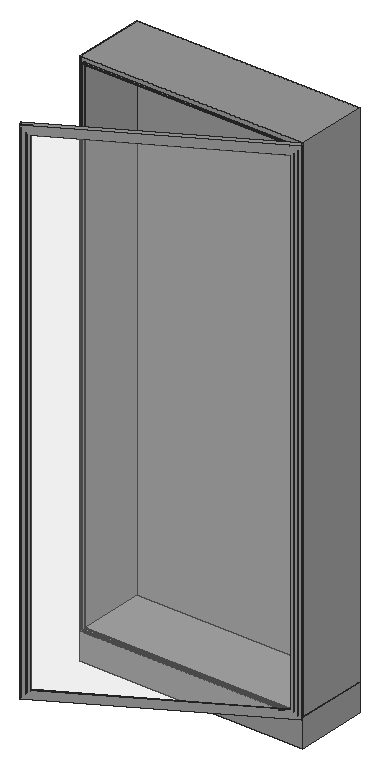
Revit family "Hager-Univers-IP55-D275-H1950-Cl.I-Steel_encl-NoHosted-CH-en", category Equipement électrique, Revit 2020
Family settings
  Configuration du panneau = Deux colonnes, circuits au sein
  Cote de connecteur circulaire = Utiliser le diamètre
  Type d'élément = Tableau de raccordement
  Basée sur le plan de construction = Oui
  Toujours verticalement = Oui
  Couper avec des vides une fois chargée = Non
  Partagée = Non
  Point de calcul de pièce = Non
Parameters (values of type "Floor installation IP55 W800 H1950 D275  - FR23K1")
  Width Control [instance] = if([EF000008 - Width] > Min Width, [EF000008 - Width], Min Width)  # 800 mm
  Commentaires du type = [HG000003 - Range]  # "Univers"
  Thickness Door [instance] = if([EF009171 - Material plate thickness door/cover] > 3 mm, 3 mm, [EF009171 - Material plate thickness door/cover])  # 1.5 mm
  Seal Frame Offset [instance] = 17 mm  # constant formula
  Plinth Visibility [instance] = [HG000027 - Plinth height] > 0 mm  # yes
  Min Width [instance] = 100 mm  # constant formula
  Min Depth [instance] = (2 * [EF009170 - Material plate thickness cabinet]) + 1 mm  # 4 mm
  Min Height [instance] = 100 mm  # constant formula
  Internal Frame Depth [instance] = (Door System Depth * 0.5)  # 9 mm
  Panel Name [instance] = ""  # (empty or 0)
  Model = ""
  HG000027 - Plinth height = 100 mm
  HG000026 - Floor standing = yes
  HG000024 - Bottom section height = 600 mm
  HG000023 - Double section enclosure = no
  HG000016 - Door 3d visibility [instance] = yes
  HG000015 - Clearance visibility [instance] = no
  HG000014 - Door on the right [instance] = yes
  HG000013 - Door on the left [instance] = not([HG000014 - Door on the right])  # no
  HG000012 - Door swing angle [instance] = 30.00°
  HG000010 - Asymmetric doors = no
  HG000009 - Double swing door = no
  HG000006 - Flush mounted = no
  HG000004 - Manufacturer reference = "FR23K1"
  HG000003 - Range = "Univers"
  HG000002 - With door or cover = yes
  Frame Offset Bottom [instance] = 10 mm  # constant formula
  Frame Offset [instance] = 15 mm  # constant formula
  EF015940 - Cover with overpressure release = no
  EF011959 - Degree of protection (NEMA) = ""
  EF009554 - Number of openings for flange plates = 6
  EF009212 - Cover model = "EV000116 - Closed"
  EF009171 - Material plate thickness door/cover = 1.5 mm
  EF009170 - Material plate thickness cabinet = 1.5 mm
  EF008873 - Nominal current (In) = 800 A
  EF007800 - Suitable for lightning protection = no
  EF006306 - With lock = no
  EF006244 - Transparent cover/door = yes
  EF005474 - Degree of protection (IP) = "EV006420 - IP55"
  EF004464 - Type of door = "EV002646 - Single"
  EF004427 - Number of modules = 432
  EF004293 - Impact strength = "EV008784 - IK10"
  EF003532 - Suitable for outdoor use = no
  EF002950 - Width in number of modular spacings = 24
  EF001613 - Circuit integrity = "EV000494 - None"
  EF001596 - Material housing = "EV000179 - Steel"
  EF001131 - Internal depth = 275 mm
  EF001088 - Extension possible = yes
  EF000437 - Number of conduit inlets = 6
  EF000339 - Type of cover = "EV004216 - Door"
  EF000266 - Number of rows = 12
  EF000218 - Built-in depth = 0 mm
  EF000118 - With mounting plate = no
  EF000116 - RAL-number = "7035"
  EF000049 - Depth = 275 mm
  EF000040 - Height = 1950 mm
  EF000008 - Width = 800 mm
  EF000007 - Colour = "EV000270 - Grey"
  EF000003 - Mounting method = "EV012274 - Floor installation"
  Door System Leaf Tolerance [instance] = 1.5 mm  # constant formula
  Door System Depth [instance] = 18 mm  # constant formula
  Door Height [instance] = Height Control - [HG000027 - Plinth height]  # 1850 mm
  Description = ""
  Default Elevation = 1219.2 mm
  Connector Offset [instance] = Height Control / 2  # 975 mm
  Fabricant = "Hager"  # constant formula
  Height Control [instance] = if([EF000040 - Height] > Min Height, [EF000040 - Height], Min Height)  # 1950 mm
  Depth Control [instance] = if([EF000049 - Depth] > Min Depth, [EF000049 - Depth], Min Depth)  # 275 mm
  Bottom Top Plate Trim [instance] = 1.5 mm  # constant formula
  Plinth height Ctrl [instance] = if([HG000027 - Plinth height] > 0 mm, [HG000027 - Plinth height], 12 mm)  # 100 mm
Types (11, lengths in mm): name | Width Control | HG000010 - Asymmetric doors | HG000009 - Double swing door | HG000004 - Manufacturer reference | EF009554 - Number of openings for flange plates | EF006244 - Transparent cover/door | EF004464 - Type of door | EF004427 - Number of modules | EF000437 - Number of conduit inlets | EF000008 - Width
  Floor installation IP55 W1050 H1950 D275  - FR24E1 | 1050 | yes | yes | "FR24E1" | 8 | no | "EV003602 - Double" | 576 | 8 | 1050
  Floor installation IP55 W1050 H1950 D275  - FR24K1 | 1050 | yes | yes | "FR24K1" | 8 | yes | "EV003602 - Double" | 576 | 8 | 1050
  Floor installation IP55 W1300 H1950 D275  - FR25E1 | 1300 | yes | yes | "FR25E1" | 10 | no | "EV003602 - Double" | 720 | 10 | 1300
  Floor installation IP55 W1300 H1950 D275  - FR25K1 | 1300 | yes | yes | "FR25K1" | 10 | yes | "EV003602 - Double" | 720 | 10 | 1300
  Floor installation IP55 W1550 H1950 D275  - FR26E1 | 1550 | yes | yes | "FR26E1" | 12 | no | "EV003602 - Double" | 864 | 12 | 1550
  Floor installation IP55 W1550 H1950 D275  - FR26K1 | 1550 | yes | yes | "FR26K1" | 12 | yes | "EV003602 - Double" | 864 | 12 | 1550
  Floor installation IP55 W300 H1950 D275  - FR21E1 | 300 | no | no | "FR21E1" | 2 | no | "EV002646 - Single" | 144 | 2 | 300
  Floor installation IP55 W550 H1950 D275  - FR22E1 | 550 | no | no | "FR22E1" | 4 | no | "EV002646 - Single" | 288 | 4 | 550
  Floor installation IP55 W550 H1950 D275  - FR22K1 | 550 | no | no | "FR22K1" | 4 | yes | "EV002646 - Single" | 288 | 4 | 550
  Floor installation IP55 W800 H1950 D275  - FR23E1 | 800 | no | no | "FR23E1" | 6 | no | "EV002646 - Single" | 432 | 6 | 800
  Floor installation IP55 W800 H1950 D275  - FR23K1 | 800 | no | no | "FR23K1" | 6 | yes | "EV002646 - Single" | 432 | 6 | 800
Reference planes
  plane 1 "Center (Front/Back)": y = 0
  plane 2: z = 0
  plane 3 "Center (Left/Right)": x = 0
  plane 4: y = 0
  plane 5: y = 0
  plane 6: z = 0
  plane 7: x = -400
  plane 8: x = 400
  plane 9: x = 398.5
  plane 10: x = -398.5
  plane 11: z = 100
  plane 12: z = 101.5
  plane 13: y = -275
  plane 14: y = -1.5
  plane 15: x = 0
  plane 16: y = -257
  plane 17: y = -273.5
  plane 18: y = -255.5
  plane 19: x = -383.5
  plane 20: x = 383.5
  plane 21: z = 111.5
  plane 22: x = -383
  plane 23: x = 383
  plane 24: z = 100
  plane 25: z = 1950
  plane 26: z = 1950
  plane 27: z = 1933.5
  plane 28: z = 1948.5
Forms (mm)
  Extrusion 1, solid, material "Hager_Steel_RAL7035_Light_Grey", detail levels medium+fine
    sketch origin (-208.679, -4572, 100) x (-1, 0, 0) y (0, -1, 0)
      loop
        line (191.321, -4315) -> (-608.679, -4315) -> (-608.679, -4572) -> (191.321, -4572) -> (191.321, -4315)
    from 0 to 1850
  Extrusion 2, void
    sketch origin (-350.771, -275, 1219.2) x (1, 0, 0) y (0, 0, 1)
      loop
        line (-47.729, 729.3) -> (-47.729, -1117.7) -> (749.271, -1117.7) -> (749.271, 729.3) -> (-47.729, 729.3)
    from -19.5 to -273.5
  Extrusion 3, void
    sketch origin (-290.084, -257, 1219.2) x (1, 0, 0) y (0, 0, 1)
      loop
        line (-93.416, -1107.7) -> (673.584, -1107.7) -> (673.584, 714.3) -> (-93.416, 714.3) -> (-93.416, -1107.7)
    from 0 to -1.5
  Extrusion 4, solid, material "Hager_Steel_RAL7035_Light_Grey", visible <- "Plinth Visibility", detail levels medium+fine
    sketch origin (0, 0, 0) x (1, 0, 0) y (0, 1, 0)
      loop
        line (-400, 0) -> (-400, -257) -> (400, -257) -> (400, 0) -> (-400, 0)
    from 0 to 100 <- "Plinth height Ctrl"
  Extrusion 5, solid, material "Hager_Steel_RAL7035_Light_Grey", detail levels coarse
    sketch origin (0, 0, 0) x (1, 0, 0) y (0, 1, 0)
      loop
        line (-400, 0) -> (-400, -275) -> (400, -275) -> (400, 0) -> (-400, 0)
    from 0 to 1950 <- "Height Control"
  Sweep 6, void
    path in 3D
      loop
        line (-400, -257, 100) -> (400, -257, 100) -> (400, 0, 100) -> (-400, 0, 100) -> (-400, -257, 100)
    profile origin (-400, -128.5, 100) x (1, 0, 0) y (0, 0, 1)
      loop
        line (0, 0) -> (0, -1.5) -> (1.5, -1.5)
        arc (1.5, -1.5) -> (1.061, -0.439) -> (0, 0) r 1.5
  Extrusion 7, solid, material "Hager_Steel_RAL7035_Light_Grey", detail levels fine
    sketch origin (-400, -257, 100) x (1, 0, 0) y (0, 0, 1)
      loop
        line (16.5, 11.5) -> (783.5, 11.5) -> (783.5, 1833.5) -> (16.5, 1833.5) -> (16.5, 11.5)
      loop
        line (15, 10) -> (785, 10) -> (785, 1835) -> (15, 1835) -> (15, 10)
    from 0 to 9 <- "Internal Frame Depth"
Cuts and joins
  Extrusion 2, Extrusion 3 cuts Extrusion 1
  Sweep 6 cuts Extrusion 4
Lines and regions (mm)
  Masking region 1
    outline origin (0, 0, 0) x (1, 0, 0) y (0, 1, 0)
      loop
        line (-400, 0) -> (-400, -275) -> (400, -275) -> (400, 0) -> (-400, 0)
  Masking region 2, detail levels coarse
    outline origin (-290.084, -257, 1219.2) x (-1, 0, 0) y (0, 0, 1)
      loop
        line (-690.084, -1219.2) -> (109.916, -1219.2) -> (109.916, 730.8) -> (-690.084, 730.8) -> (-690.084, -1219.2)
  Masking region 3, detail levels coarse
    outline origin (0, 0, 0) x (0, 1, 0) y (0, 0, 1)
      loop
        line (0, 0) -> (0, 1950) -> (-275, 1950) -> (-275, 0) -> (0, 0)
  Masking region 4, visible <- "Plinth Visibility", detail levels medium+fine
    outline origin (0, 0, 0) x (0, 1, 0) y (0, 0, 1)
      loop
        line (-1.5, 100) -> (-255.5, 100)
        arc (-255.5, 100) -> (-255.939, 98.939) -> (-257, 98.5) r 1.5
        line (-257, 98.5) -> (-257, 0) -> (0, 0) -> (0, 98.5)
        arc (0, 98.5) -> (-1.061, 98.939) -> (-1.5, 100) r 1.5
  Masking region 5, detail levels medium+fine
    outline origin (0, 0, 594.038) x (0, 1, 0) y (0, 0, 1)
      loop
        line (0, -494.038) -> (0, 1355.962) -> (-257, 1355.962) -> (-257, -494.038) -> (0, -494.038)
  Masking region 6, detail levels medium+fine
    outline origin (-359.7, -257, 1211.883) x (-1, 0, 0) y (0, 0, 1)
      loop
        line (-759.7, -1111.883) -> (40.3, -1111.883) -> (40.3, 738.117) -> (-759.7, 738.117) -> (-759.7, -1111.883)
  Masking region 7, visible <- "Plinth Visibility", detail levels medium+fine
    outline origin (-320.334, -257, 1041.368) x (-1, 0, 0) y (0, 0, 1)
      loop
        line (-720.334, -1041.368) -> (79.666, -1041.368) -> (79.666, -942.868)
        arc (79.666, -942.868) -> (78.606, -942.429) -> (78.166, -941.368) r 1.5
        line (78.166, -941.368) -> (-718.834, -941.368)
        arc (-718.834, -941.368) -> (-719.273, -942.429) -> (-720.334, -942.868) r 1.5
        line (-720.334, -942.868) -> (-720.334, -1041.368)
  sketch lines
    curve 1: line (-400, 0, 100) -> (-400, -257, 100)
    curve 2: line (-400, -257, 100) -> (400, -257, 100)
    curve 3: line (400, 0, 100) -> (-400, 0, 100)
    curve 4: line (400, -257, 100) -> (400, 0, 100)
Dimensions and locks
  locked: plane 1 "Center (Front/Back)" to plane 5
  "EF009170 - Material plate thickness cabinet": plane 7 to plane 10
  "EF009170 - Material plate thickness cabinet": plane 8 to plane 9
  equal spacing: plane 7, plane 3 "Center (Left/Right)", plane 8
  "Width Control": plane 7 to plane 8
  "Depth Control": plane 4 to plane 13
  "EF009170 - Material plate thickness cabinet": plane 4 to plane 14
  "Height Control": plane 25 to level
  "HG000027 - Plinth height": plane 11 to level
  "EF009170 - Material plate thickness cabinet": plane 12 to plane 11
  "EF009170 - Material plate thickness cabinet": plane 17 to plane 13
  "EF009170 - Material plate thickness cabinet": plane 18 to plane 16
  "Frame Offset Bottom": plane 21 to plane 12
  "Frame Offset": plane 10 to plane 19
  "Frame Offset": plane 9 to plane 20
  "Door System Depth": plane 16 to plane 13
  "Seal Frame Offset": plane 7 to plane 22
  "Seal Frame Offset": plane 8 to plane 23
  "EF009170 - Material plate thickness cabinet": plane 26 to plane 28
  "Frame Offset": plane 28 to plane 27
  "Connector Offset": plane 2 to connector elem
  "Bottom Top Plate Trim": profile plane to Sweep 6 sketch curve
  "Bottom Top Plate Trim": Sweep 6 sketch curve to Sweep 6 sketch curve
  "Plinth height Ctrl": Masking region 4 sketch curve to level
  "Plinth height Ctrl": Masking region 7 sketch curve to level
  "Thickness Door": Extrusion 7 sketch curve to Extrusion 7 sketch curve  (x4)
  "Bottom Top Plate Trim": radius of Sweep 6 sketch curve
  "Bottom Top Plate Trim": radius of Masking region 4 sketch curve  (x2)
  "Bottom Top Plate Trim": radius of Masking region 7 sketch curve  (x2)
  aligned and locked: Extrusion 2 sketch curve to plane 12
  aligned and locked: Extrusion 2 sketch curve to plane 9
  aligned and locked: Extrusion 2 sketch curve to plane 10
  aligned and locked: Extrusion 2 to plane 14
  aligned and locked: Extrusion 1 sketch curve to plane 4
  aligned and locked: plane 8 to Extrusion 1 sketch curve
  aligned and locked: plane 7 to Extrusion 1 sketch curve
  aligned and locked: Extrusion 2 to plane 18
  aligned and locked: Extrusion 3 sketch curve to plane 19
  aligned and locked: plane 20 to Extrusion 3 sketch curve
  aligned and locked: Extrusion 3 to Extrusion 2
  aligned and locked: Extrusion 3 sketch curve to plane 21
  aligned and locked: plane 3 "Center (Left/Right)" to nested 1
  aligned and locked: Extrusion 1 sketch curve to plane 16
  aligned and locked: Extrusion 4 sketch curve to cut or joined group of Extrusion 1, Extrusion 2, Extrusion 3
  aligned and locked: Masking region 1 sketch curve to plane 7
  aligned and locked: Masking region 1 sketch curve to plane 5
  aligned and locked: Masking region 1 sketch curve to plane 8
  aligned and locked: Masking region 2 sketch curve to level
  aligned and locked: level to Masking region 3 sketch curve
  aligned and locked: plane 1 "Center (Front/Back)" to Masking region 3 sketch curve
  aligned and locked: plane 13 to Masking region 3 sketch curve
  aligned and locked: plane 5 to Masking region 4 sketch curve
  aligned and locked: Masking region 2 sketch curve to plane 8
  aligned and locked: Masking region 2 sketch curve to plane 7
  aligned and locked: plane 7 to nested 2
  aligned and locked: nested 2 to plane 5
  aligned and locked: plane 5 to Masking region 5 sketch curve
  aligned and locked: plane 26 to Masking region 5 sketch curve
  aligned and locked: Extrusion 5 sketch curve to plane 8
  aligned and locked: Extrusion 5 sketch curve to plane 7
  aligned and locked: Extrusion 5 sketch curve to plane 5
  aligned and locked: Extrusion 3 sketch curve to plane 27
  aligned and locked: Extrusion 2 sketch curve to plane 28
  aligned and locked: Masking region 2 to plane 25
  aligned and locked: Extrusion 4 to plane 16
  aligned and locked: profile plane to Sweep 6 sketch curve
  aligned and locked: Masking region 5 sketch curve to plane 24
  aligned and locked: level to Masking region 4 sketch curve
  aligned and locked: Masking region 1 to plane 13
  aligned and locked: nested 1 to plane 16
  aligned and locked: Masking region 3 to plane 25
  aligned and locked: plane 16 to Masking region 4 sketch curve
  aligned and locked: Masking region 5 sketch curve to plane 16
  aligned and locked: plane 24 to plane 11
  aligned and locked: plane 26 to plane 25
  aligned and locked: plane 26 to cut or joined group of Extrusion 1, Extrusion 2, Extrusion 3
  aligned and locked: nested 1 to plane 24
  aligned and locked: Extrusion 1 to Extrusion 3
  aligned and locked: Masking region 6 sketch curve to plane 8
  aligned and locked: Masking region 6 sketch curve to plane 24
  aligned and locked: Masking region 6 sketch curve to plane 7
  aligned and locked: Masking region 6 sketch curve to plane 26
  aligned and locked: Masking region 7 sketch curve to plane 7
  aligned and locked: level to Masking region 7 sketch curve
  aligned and locked: Masking region 7 sketch curve to plane 8
  aligned and locked: Extrusion 7 sketch curve to cut or joined group of Extrusion 1, Extrusion 2, Extrusion 3  (x4)
Automatic sketch dimensions
  plane 19 to Extrusion 3 sketch curve = 0 mm
  Extrusion 3 sketch curve to plane 20 = 0 mm
  Extrusion 3 sketch curve to plane 21 = 0 mm
  Extrusion 4 sketch curve to plane 7 = 0 mm
  Extrusion 4 sketch curve to plane 8 = 0 mm
  Extrusion 4 sketch curve to plane 16 = 0 mm
  Masking region 1 sketch curve to plane 13 = 0 mm
  Masking region 2 sketch curve to plane 25 = 0 mm
  Masking region 3 sketch curve to plane 25 = 0 mm
  Extrusion 5 sketch curve to plane 13 = 0 mm
  profile plane to Sweep 6 sketch curve = 0 mm
Nested families
  nested 1: "EC000058_Univers_Door" at (0, -257, 100), Double <- "HG000009 - Double swing door", Transparent <- "EF006244 - Transparent cover/door", Angle <- "HG000012 - Door swing angle", Door_Right <- "HG000014 - Door on the right", Assymetrical <- "HG000010 - Asymmetric doors", Door <- "HG000002 - With door or cover", Width_Ctrl <- "Width Control", 3d_Door <- "HG000016 - Door 3d visibility", Clearance <- "HG000015 - Clearance visibility", Door_Left <- "HG000013 - Door on the left", Width <- "Width Control", Door_Depth <- "Door System Depth", Leaf_Tolerance <- "Door System Leaf Tolerance", Height <- "Door Height", Lock_Visibility <- "EF006306 - With lock", Thickness <- "Thickness Door", type "EC000058_Univers_Door", detail levels medium+fine
    with min_wh 4 mm, Width_Ctrl 800 mm, Width 800 mm, Transparent yes, Thickness 1.5 mm, Seal_Material Hager_Rubber, Lock_Visibility no, Lock_Material Hager_Plastic_RAL9005_Jet_Black, Leaf_Width 800 mm, Leaf_Tolerance_External_Sides 0 mm, Leaf_Tolerance 1.5 mm, Leaf_Offset 0 mm, Leaf_Height 1847 mm, Leaf_2_Width 800 mm, Leaf_2_Offset 400 mm, Leaf_1_Width 800 mm, Leaf_1_Offset 400 mm, Height_Ctrl 1850 mm, Height 1850 mm, Glass_Material Hager_Glass, Double_Clearance_Ctrl no, Double no, Door_Right_Ctrl yes, Door_Right yes, Door_Material Hager_Steel_RAL7035_Light_Grey, Door_Left_Ctrl no, Door_Left no, Door_Depth 18 mm, Door yes, Clearance_Material Hager_Clearance, Clearance_Depth 800 mm, Clearance_Ctrl no, Clearance no, Assymetrical no, Angle 30.00°, 3d_Door yes
  nested 2: "Hager_Enclosure_Symbol" at (-400, 0, 0), Height <- "Depth Control", Width <- "Width Control", type "Hager_Enclosure_Symbol"
    with Width_Ctrl 800 mm, Width 800 mm, Height_Ctrl 275 mm, Height 275 mm, A_Width_Int 18.047 mm, A_Width 216.562 mm, A_Height_Ctrl 240.625 mm, A_Height 240.625 mm
Connectors
  electrical at (0, 0, 975)
    settings: on plane 1 "Center (Front/Back)", index 1, voltage 0 V, apparent load 0 VA, apparent load phase1 0 VA, apparent load phase2 0 VA, apparent load phase3 0 VA, power factor 1, load classification "Other", number of poles 1, system type 30, power factor state 1, is connector primary yes, connector utility no, sub classification motor no, connector description ""
Definition of nested family "EC000058_Univers_Door"
  Parameters (values of type "EC000058_Univers_Door")
    min_wh [instance] = (2 * Thickness) + 1 mm  # 11 mm
    Width_Ctrl [instance] = 400 mm
    Width [instance] = 500 mm
    Transparent [instance] = yes
    Thickness [instance] = 5 mm
    Seal_Material [instance] = none
    Lock_Visibility [instance] = yes
    Lock_Material [instance] = none
    Leaf_Width [instance] = if((Width_Ctrl - 2 * Leaf_Tolerance_External_Sides) > 0 mm, (Width_Ctrl - 2 * Leaf_Tolerance_External_Sides), min_wh)  # 400 mm
    Leaf_Tolerance_External_Sides [instance] = 0 mm  # constant formula
    Leaf_Tolerance [instance] = 1.5 mm
    Leaf_Offset [instance] = 0 mm  # constant formula
    Leaf_Height [instance] = if((Height_Ctrl - 2 * Leaf_Tolerance) > 0 mm, (Height_Ctrl - 2 * Leaf_Tolerance), min_wh)  # 497 mm
    Leaf_2_Width [instance] = if(and(and(Double, Assymetrical), Door_Left), (Leaf_Width / 3) - (Leaf_Tolerance / 2), if(and(and(Double, Assymetrical), Door_Right), (Leaf_Width / 3) * 2 - (Leaf_Tolerance / 2), if(and(Double, not(Assymetrical)), (Leaf_Width / 2) - Leaf_Tolerance, Leaf_Width)))  # 400 mm
    Leaf_2_Offset [instance] = if(and(Double, Assymetrical), Leaf_2_Width / 2, if(and(Double, not(Assymetrical)), Leaf_Width / 4, Leaf_Width / 2))  # 200 mm
    Leaf_1_Width [instance] = if(and(and(Double, Assymetrical), Door_Right), (Leaf_Width / 3) - (Leaf_Tolerance / 2), if(and(and(Double, Assymetrical), Door_Left), (Width / 3) * 2 - (Leaf_Tolerance / 2), if(and(Double, not(Assymetrical)), (Leaf_Width / 2) - Leaf_Tolerance, Leaf_Width)))  # 400 mm
    Leaf_1_Offset [instance] = if(and(Double, Assymetrical), Leaf_1_Width / 2, if(and(Double, not(Assymetrical)), Leaf_Width / 4, Leaf_Width / 2))  # 200 mm
    Height_Ctrl [instance] = if(Height > min_wh, Height, min_wh)  # 500 mm
    Height [instance] = 500 mm
    Glass_Material [instance] = none
    Double_Clearance_Ctrl [instance] = and(Double, Clearance)  # no
    Double [instance] = no
    Door_Right_Ctrl [instance] = and(or(Door_Right, Double), Door)  # yes
    Door_Right [instance] = yes
    Door_Material [instance] = none
    Door_Left_Ctrl [instance] = and(or(Door_Left, Double), Door)  # no
    Door_Left [instance] = no
    Door_Depth [instance] = 30 mm
    Door [instance] = yes
    Default Elevation = 1219.2 mm
    Clearance_Material [instance] = none
    Clearance_Depth [instance] = if(Leaf_1_Width > Leaf_2_Width, Leaf_1_Width, Leaf_2_Width)  # 400 mm
    Clearance_Ctrl [instance] = and(not(Double), Clearance)  # yes
    Clearance [instance] = yes
    Assymetrical [instance] = yes
    Angle [instance] = 30.00°
    3d_Door [instance] = yes
  Reference planes
    plane 1 "Center (Front/Back)": y = 0
    plane 2 "Bottom": z = 0
    plane 3 "Center (Left/Right)": x = 0
    plane 4: z = 500
    plane 5: x = -200
    plane 6: x = 200
    plane 7: z = 500
    plane 8: x = -200
    plane 9: z = 0
    plane 10: x = 200
    plane 11: y = 0
    plane 12: z = 1.5
    plane 13: x = -600
    plane 14: y = -400
    plane 15: x = 600
    plane 16: x = 0
    plane 17: x = 0
    plane 18: x = -200
    plane 19: x = 200
    plane 20: z = 498.5
  Forms (mm)
    Extrusion 1, solid, material <- "Clearance_Material", visible <- "Double_Clearance_Ctrl"
      sketch origin (1200, 0, 0) x (1, 0, 0) y (0, 0, -1)
        loop
          line (-1800, -498.5) -> (-600, -498.5) -> (-600, 0) -> (-1800, 0) -> (-1800, -498.5)
      from 0 to -400
  Dimensions and locks
    equal spacing: plane 5, plane 3 "Center (Left/Right)", plane 6
    "Width_Ctrl": plane 5 to plane 6
    "Leaf_Offset": plane 5 to plane 8
    "Leaf_Offset": plane 6 to plane 10
    "Leaf_Offset": plane 9 to level
    "Leaf_Offset": plane 4 to plane 7
    "Height_Ctrl": plane 4 to level
    "Leaf_Tolerance": plane 12 to plane 9
    locked: plane 11 to plane 1 "Center (Front/Back)"
    "Leaf_1_Offset": plane 18 to plane 16
    "Leaf_2_Offset": plane 17 to plane 19
    "Leaf_1_Width": plane 13 to plane 8
    "Leaf_2_Width": plane 10 to plane 15
    "Clearance_Depth": plane 14 to plane 1 "Center (Front/Back)"
    "Leaf_Tolerance_External_Sides": plane 8 to plane 18
    "Leaf_Tolerance_External_Sides": plane 19 to plane 10
    "Leaf_Tolerance": plane 7 to plane 20
    aligned and locked: level to plane 2 "Bottom"
    aligned and locked: nested 1 to plane 16
    aligned and locked: nested 2 to plane 17
    aligned and locked: Extrusion 1 to plane 13
    aligned and locked: plane 15 to Extrusion 1
    aligned and locked: Extrusion 1 to plane 14
    aligned and locked: plane 12 to nested 1
    aligned and locked: nested 2 to plane 12
    aligned and locked: Extrusion 1 to plane 11
    aligned and locked: plane 20 to Extrusion 1
    aligned and locked: nested 2 to plane 11
    aligned and locked: nested 1 to plane 11
  Automatic sketch dimensions
    Extrusion 1 sketch curve to level = 0 mm
    plane 5 to Extrusion 1 sketch curve = 400 mm
    plane 6 to Extrusion 1 sketch curve = 400 mm
    Extrusion 1 sketch curve to plane 4 = 1.5 mm
  Nested families
    nested 1: "EC000058_Univers_Door_Leaf" at (0, 0, 1.5), Width <- "Leaf_1_Width", visible <- "Door_Left_Ctrl", Leaf_Height <- "Leaf_Height", Angle <- "Angle", 3d_Door <- "3d_Door", Transparent <- "Transparent", Clearance Material <- "Clearance_Material", Clearance <- "Clearance_Ctrl", Door_Material <- "Door_Material", Glass_Material <- "Glass_Material", Door_Depth <- "Door_Depth", Lock_Material <- "Lock_Material", Seal_Material <- "Seal_Material", Lock_Visibility <- "Lock_Visibility", Thickness <- "Thickness", type "EC000058_Univers_Door_Leaf"
      with Width 400 mm, Transparent_Glass_Offset 30 mm, Transparent_Ctrl yes, Transparent yes, Thickness 5 mm, Standard no, Seal_Material none, Seal_D2 8 mm, Seal_D1 1 mm, Offset_Internal_Frame 10 mm, Lock_Width 20 mm, Lock_Visibility_3d yes, Lock_Visibility yes, Lock_Thickness_3 3 mm, Lock_Thickness_2 1 mm, Lock_Thickness_1 3 mm, Lock_Radius_Offset_2 16 mm, Lock_Radius_Offset_1 15 mm, Lock_Radius_2 5 mm, Lock_Radius 6 mm, Lock_Offset 5 mm, Lock_Material none, Lock_Height 80 mm, Lock_Cover_Top_Offset_2d 17 mm, Lock_Cover_Height -65 mm, Leaf_Height 497 mm, Internal_Seal_Thickness 8 mm, Internal_Seal_Depth_2 4.5 mm, Internal_Frame_Depth 25 mm, Glass_Thickness -1 mm, Glass_Offset -2 mm, Glass_Material none, Door_Material none, Door_Depth 30 mm, Clearance Material none, Clearance yes, Angle_Ctrl 30.00°, Angle 30.00°, 3d_Door yes
    nested 2: "EC000058_Univers_Door_Leaf" at (0, 0, 1.5) x (-1, 0, 0) z (0, 0, 1), Width <- "Leaf_2_Width", visible <- "Door_Right_Ctrl", Leaf_Height <- "Leaf_Height", Angle <- "Angle", 3d_Door <- "3d_Door", Transparent <- "Transparent", Clearance Material <- "Clearance_Material", Clearance <- "Clearance_Ctrl", Door_Material <- "Door_Material", Glass_Material <- "Glass_Material", Door_Depth <- "Door_Depth", Lock_Material <- "Lock_Material", Seal_Material <- "Seal_Material", Lock_Visibility <- "Lock_Visibility", Thickness <- "Thickness", type "EC000058_Univers_Door_Leaf"
      with Width 400 mm, Transparent_Glass_Offset 30 mm, Transparent_Ctrl yes, Transparent yes, Thickness 5 mm, Standard no, Seal_Material none, Seal_D2 8 mm, Seal_D1 1 mm, Offset_Internal_Frame 10 mm, Lock_Width 20 mm, Lock_Visibility_3d yes, Lock_Visibility yes, Lock_Thickness_3 3 mm, Lock_Thickness_2 1 mm, Lock_Thickness_1 3 mm, Lock_Radius_Offset_2 16 mm, Lock_Radius_Offset_1 15 mm, Lock_Radius_2 5 mm, Lock_Radius 6 mm, Lock_Offset 5 mm, Lock_Material none, Lock_Height 80 mm, Lock_Cover_Top_Offset_2d 17 mm, Lock_Cover_Height -65 mm, Leaf_Height 497 mm, Internal_Seal_Thickness 8 mm, Internal_Seal_Depth_2 4.5 mm, Internal_Frame_Depth 25 mm, Glass_Thickness -1 mm, Glass_Offset -2 mm, Glass_Material none, Door_Material none, Door_Depth 30 mm, Clearance Material none, Clearance yes, Angle_Ctrl 30.00°, Angle 30.00°, 3d_Door yes
  Definition of nested family "EC000058_Univers_Door_Leaf"
    Parameters (values of type "EC000058_Univers_Door_Leaf")
      Width [instance] = 2000 mm
      Transparent_Glass_Offset [instance] = 30 mm
      Transparent_Ctrl [instance] = and(Transparent, [3d_Door])  # yes
      Transparent [instance] = yes
      Thickness [instance] = 5 mm
      Standard [instance] = and(not(Transparent), [3d_Door])  # no
      Seal_Material [instance] = none
      Seal_D2 [instance] = 8 mm  # constant formula
      Seal_D1 [instance] = 1 mm  # constant formula
      Offset_Internal_Frame [instance] = 10 mm  # constant formula
      Lock_Width [instance] = 20 mm  # constant formula
      Lock_Visibility_3d [instance] = and(Lock_Visibility, [3d_Door])  # yes
      Lock_Visibility [instance] = yes
      Lock_Thickness_3 [instance] = 3 mm  # constant formula
      Lock_Thickness_2 [instance] = 1 mm  # constant formula
      Lock_Thickness_1 [instance] = 3 mm  # constant formula
      Lock_Radius_Offset_2 [instance] = Lock_Radius_Offset_1 + 1 mm  # 16 mm
      Lock_Radius_Offset_1 [instance] = 15 mm  # constant formula
      Lock_Radius_2 [instance] = Lock_Radius - 1 mm  # 5 mm
      Lock_Radius [instance] = 6 mm  # constant formula
      Lock_Offset [instance] = 5 mm  # constant formula
      Lock_Material [instance] = none
      Lock_Height [instance] = 80 mm  # constant formula
      Lock_Cover_Top_Offset_2d [instance] = Lock_Radius_Offset_2 + 1 mm  # 17 mm
      Lock_Cover_Height [instance] = -(Lock_Height - Lock_Radius_Offset_1)  # -65 mm
      Leaf_Height [instance] = 2720.336 mm
      Internal_Seal_Thickness [instance] = 8 mm  # constant formula
      Internal_Seal_Depth_2 [instance] = 4.5 mm  # constant formula
      Internal_Frame_Depth [instance] = if(Door_Depth - Thickness > 5 mm, Door_Depth - Thickness, 5 mm)  # 25 mm
      Glass_Thickness [instance] = if(Thickness > 15 mm, Glass_Offset + 10 mm, -1 mm)  # -1 mm
      Glass_Offset [instance] = if(Thickness > 15 mm, -(Thickness + 10 mm) / 2, -2 mm)  # -2 mm
      Glass_Material [instance] = none
      Door_Material [instance] = none
      Door_Depth [instance] = 30 mm
      Default Elevation = 0 mm
      Clearance Material [instance] = none
      Clearance [instance] = yes
      Angle_Ctrl [instance] = if(Angle > 180.00°, 180.00°, Angle)  # 90.00°
      Angle [instance] = 90.00°
      3d_Door [instance] = yes
    Reference planes
      plane 1 "Center (Front/Back)": y = 0
      plane 2: z = 0
      plane 3 "Center (Left/Right)": x = 0
      plane 4: y = 2000
      plane 5: x = -1000
      plane 6: x = 1000
      plane 7: x = -3000
      plane 8: z = 2720.336
      plane 9: z = 30
      plane 10: z = 2690.336
      plane 11: x = 970
      plane 12: x = -970
      plane 13: y = -3
      plane 14: z = 107.833
      plane 15: y = -5
      plane 16: y = -223.314
      plane 17: x = -1000
      plane 18: z = 1360.168
      plane 19: y = 30
    Forms (mm)
      Extrusion 1, solid, material <- "Clearance Material", visible <- "Clearance"
        sketch origin (0, 0, 0) x (1, 0, 0) y (0, 0, 1)
          loop
            line (-3000, 2720.336) -> (-3000, 0) -> (1000, 0) -> (1000, 2720.336) -> (-3000, 2720.336)
        from 0 to -2000
      Extrusion 2, solid, material <- "Door_Material", visible <- "Standard", detail levels medium+fine
        sketch origin (-1000, 0, 0) x (0, 1, 0) y (-1, 0, 0)
          loop
            line (0, 30) -> (0, 25) -> (2000, 25) -> (2000, 30) -> (0, 30)
        from 0 to 2720.336 <- "Leaf_Height"
      Extrusion 3, solid, material <- "Door_Material", visible <- "Transparent_Ctrl", detail levels medium+fine
        sketch origin (-1000, 0, 0) x (0, 1, 0) y (-1, 0, 0)
          loop
            line (0, 25) -> (2000, 25) -> (2000, 30) -> (0, 30) -> (0, 25)
        from 0 to 2720.336 <- "Leaf_Height"
      Extrusion 4, void
        sketch origin (-1025, 2000, 0) x (0, 1, 0) y (0, 0, -1)
          loop
            line (-30, -2690.336) -> (-30, -30) -> (-1970, -30) -> (-1970, -2690.336) -> (-30, -2690.336)
        from 0 to 5 <- "Thickness"
      Sweep 5, solid, material <- "Seal_Material", visible <- "Transparent_Ctrl", detail levels fine
        path in 3D
          loop
            line (-1025, 30, 30) -> (-1025, 30, 2690.336) -> (-1025, 1970, 2690.336) -> (-1025, 1970, 30) -> (-1025, 30, 30)
        profile origin (-1025, 1000, 30) x (1, 0, 0) y (0, 0, 1)
          loop
            line (0, 0) -> (0, -8) -> (1, -8) -> (1, 0) -> (0, 0)
      Extrusion 6, solid, material <- "Glass_Material", visible <- "Transparent_Ctrl", detail levels medium+fine
        sketch origin (-1030, 0, 0) x (0, 1, 0) y (0, 0, -1)
          loop
            line (1970, -2690.336) -> (1970, -30) -> (30, -30) -> (30, -2690.336) -> (1970, -2690.336)
        from -2 <- "Glass_Offset" to -1 <- "Glass_Thickness"
      Extrusion 7, solid, material <- "Door_Material", visible <- "3d_Door", detail levels medium+fine
        sketch origin (-1025, 2000, 0) x (0, -1, 0) y (0, 0, -1)
          loop
            line (0, -2720.336) -> (2000, -2720.336) -> (2000, 0) -> (0, 0) -> (0, -2720.336)
          loop
            line (1995, -5) -> (5, -5) -> (5, -2715.336) -> (1995, -2715.336) -> (1995, -5)
        from 0 to 25 <- "Internal_Frame_Depth"
      Sweep 8, solid, material <- "Seal_Material", visible <- "Transparent_Ctrl", detail levels fine
        path in 3D
          loop
            line (-1025, 0, 0) -> (-1025, 2000, 0) -> (-1025, 2000, 2720.336) -> (-1025, 0, 2720.336) -> (-1025, 0, 0)
        profile origin (-1025, 0, 1360.168) x (1, 0, 0) y (0, 1, 0)
          loop
            line (0, 10) -> (2.975, 10)
            arc (2.975, 10) -> (4.053, 10.447) -> (4.5, 11.525) r 1.525
            line (4.5, 11.525) -> (4.5, 16.527)
            arc (4.5, 16.527) -> (4.069, 17.569) -> (3.027, 18) r 1.473
            line (3.027, 18) -> (0, 18) -> (0, 10)
      Extrusion 9, solid, material <- "Lock_Material", visible <- "Lock_Visibility_3d", detail levels fine
        sketch origin (-1030, 0, 0) x (0, 1, 0) y (0, 0, -1)
          loop
            arc (1993.5, -1400.168) -> (1994.561, -1399.729) -> (1995, -1398.668) r 1.5
            line (1995, -1398.668) -> (1995, -1320.168) -> (1975, -1320.168) -> (1975, -1398.668)
            arc (1975, -1398.668) -> (1975.439, -1399.729) -> (1976.5, -1400.168) r 1.5
            line (1976.5, -1400.168) -> (1993.5, -1400.168)
        from 3 <- "Lock_Thickness_1" to 0
      Blend 10, solid, material <- "Lock_Material", visible <- "Lock_Visibility_3d", detail levels fine
        base sketch origin (-1033, 0, 0) x (0, 1, 0) y (0, 0, -1)
          loop
            line (1975, -1320.168) -> (1975, -1398.668)
            arc (1975, -1398.668) -> (1975.439, -1399.729) -> (1976.5, -1400.168) r 1.5
            line (1976.5, -1400.168) -> (1993.5, -1400.168)
            arc (1993.5, -1400.168) -> (1994.561, -1399.729) -> (1995, -1398.668) r 1.5
            line (1995, -1398.668) -> (1995, -1320.168) -> (1975, -1320.168)
        top sketch origin (-1033, 0, 0) x (0, 1, 0) y (0, 0, -1)
          loop
            line (1976, -1320.168) -> (1976, -1398.668)
            arc (1976, -1398.668) -> (1976.146, -1399.022) -> (1976.5, -1399.168) r 0.5
            line (1976.5, -1399.168) -> (1993.5, -1399.168)
            arc (1993.5, -1399.168) -> (1993.854, -1399.022) -> (1994, -1398.668) r 0.5
            line (1994, -1398.668) -> (1994, -1320.168) -> (1976, -1320.168)
        from 0 to 1 <- "Lock_Thickness_2"
      Blend 11, solid, material <- "Lock_Material", visible <- "Lock_Visibility_3d", detail levels fine
        base sketch origin (-1034, 0, 0) x (0, 1, 0) y (0, 0, -1)
          loop
            line (1978, -1320.168) -> (1978, -1384.168)
            arc (1978, -1384.168) -> (1985, -1391.168) -> (1992, -1384.168) r 7
            line (1992, -1384.168) -> (1992, -1320.168) -> (1978, -1320.168)
        top sketch origin (-1034, 0, 0) x (0, 1, 0) y (0, 0, -1)
          loop
            line (1991, -1320.168) -> (1979, -1320.168) -> (1979, -1383.168)
            arc (1979, -1383.168) -> (1985, -1389.168) -> (1991, -1383.168) r 6
            line (1991, -1383.168) -> (1991, -1320.168)
        from 0 to 3 <- "Lock_Thickness_3"
      Extrusion 12, solid, material <- "Lock_Material", visible <- "Lock_Visibility_3d", detail levels fine
        sketch origin (-1030, 1975, 1320.168) x (1, 0, 0) y (0, -1, 0)
          loop
            line (-7, -19) -> (-7, -1) -> (0, -1) -> (0, 0) -> (-8, 0) -> (-8, -20) -> (0, -20) -> (0, -19) -> (-7, -19)
        from 0 to -65 <- "Lock_Cover_Height"
      Extrusion 13, void
        sketch origin (-1038, 1995, 1320.168) x (-1, 0, 0) y (0, 0, -1)
          loop
            line (-5, -65) -> (0, -65) -> (-5, -60) -> (-5, -65)
        from 0 to 20 <- "Lock_Width"
      Extrusion 14, void
        sketch origin (-1038, 1975, 1320.168) x (0, -1, 0) y (0, 0, -1)
          loop
            circle (-10, -15.995) r 6
          loop
            circle (-10, -15.995) r 5
        from 0 to 2
      Extrusion 15, solid, material <- "Lock_Material", visible <- "Lock_Visibility_3d", detail levels medium
        sketch origin (-1030, 0, 0) x (0, 1, 0) y (0, 0, -1)
          loop
            arc (1993.5, -1400.168) -> (1994.561, -1399.729) -> (1995, -1398.668) r 1.5
            line (1995, -1398.668) -> (1995, -1320.168) -> (1975, -1320.168) -> (1975, -1398.668)
            arc (1975, -1398.668) -> (1975.439, -1399.729) -> (1976.5, -1400.168) r 1.5
            line (1976.5, -1400.168) -> (1993.5, -1400.168)
        from 8 to 0
    Cuts and joins
      Extrusion 4 cuts Extrusion 3
      Extrusion 13, Extrusion 14 cuts Extrusion 9
      Extrusion 14 cuts Blend 11
      Extrusion 13, Extrusion 14 cuts Extrusion 12
      joined: Extrusion 9, Blend 10, Blend 11, Extrusion 12
      Extrusion 14 cuts Extrusion 15
    Lines and regions (mm)
      Masking region 1, visible <- "Lock_Visibility", detail levels fine
        outline origin (0, 0, 0) x (0, 1, 0) y (0, 0, 1)
          loop
            line (30, 1320.168) -> (33, 1320.168) -> (33, 1400.168) -> (30, 1400.168) -> (30, 1320.168)
      Masking region 2, visible <- "Lock_Visibility", detail levels fine
        outline origin (0, 3.143, 0) x (0, 1, 0) y (0, 0, 1)
          loop
            line (29.857, 1354.168) -> (30.857, 1354.168) -> (30.857, 1366.168) -> (29.857, 1366.168) -> (29.857, 1354.168)
      Masking region 3, detail levels medium+fine
        outline origin (0, 0, 0) x (0, 1, 0) y (0, 0, 1)
          loop
            line (0, 0) -> (30, 0) -> (30, 2720.336) -> (0, 2720.336) -> (0, 0)
      Masking region 4, detail levels medium+fine
        outline origin (0, 0, 0) x (1, 0, 0) y (0, 0, 1)
          loop
            line (-1000, 2720.336) -> (-1000, 0) -> (1000, 0) -> (1000, 2720.336) -> (-1000, 2720.336)
      Masking region 5, visible <- "Lock_Visibility", detail levels fine
        outline origin (-47.116, 0, 0) x (1, 0, 0) y (0, 0, 1)
          loop
            arc (1024.616, 1399.168) -> (1023.556, 1398.729) -> (1023.116, 1397.668) r 1.5
            line (1023.116, 1397.668) -> (1023.116, 1320.168) -> (1041.116, 1320.168) -> (1041.116, 1397.668)
            arc (1041.116, 1397.668) -> (1040.677, 1398.729) -> (1039.616, 1399.168) r 1.5
            line (1039.616, 1399.168) -> (1024.616, 1399.168)
      Masking region 6, visible <- "Lock_Visibility", detail levels medium+fine
        outline origin (-25, 0, 0) x (1, 0, 0) y (0, 0, 1)
          loop
            arc (1001.5, 1400.168) -> (1000.439, 1399.729) -> (1000, 1398.668) r 1.5
            line (1000, 1398.668) -> (1000, 1320.168) -> (1020, 1320.168) -> (1020, 1398.668)
            arc (1020, 1398.668) -> (1019.561, 1399.729) -> (1018.5, 1400.168) r 1.5
            line (1018.5, 1400.168) -> (1001.5, 1400.168)
      Masking region 7, visible <- "Lock_Visibility", detail levels fine
        outline origin (-73.735, 0, 0) x (1, 0, 0) y (0, 0, 1)
          loop
            line (1051.735, 1382.168) -> (1065.735, 1382.168) -> (1065.735, 1384.168)
            arc (1065.735, 1384.168) -> (1058.735, 1391.168) -> (1051.735, 1384.168) r 7
            line (1051.735, 1384.168) -> (1051.735, 1382.168)
      Masking region 8, visible <- "Lock_Visibility", detail levels fine
        outline origin (-73.735, 0, 0) x (1, 0, 0) y (0, 0, 1)
          loop
            line (1052.735, 1382.168) -> (1064.735, 1382.168) -> (1064.735, 1383.168)
            arc (1064.735, 1383.168) -> (1058.735, 1389.168) -> (1052.735, 1383.168) r 6
            line (1052.735, 1383.168) -> (1052.735, 1382.168)
      Masking region 9, visible <- "Lock_Visibility", detail levels fine
        outline origin (-25, 0, 0) x (1, 0, 0) y (0, 0, 1)
          loop
            line (1020, 1320.168) -> (1020, 1382.168) -> (1000, 1382.168) -> (1000, 1320.168) -> (1020, 1320.168)
      Masking region 10, detail levels medium+fine
        outline origin (0, 0, 0) x (1, 0, 0) y (0, 0, 1)
          loop
            circle (985, 1335.144) r 6
      Masking region 11, detail levels fine
        outline origin (0, 0, 0) x (1, 0, 0) y (0, 0, 1)
          loop
            circle (985, 1335.144) r 5
      Masking region 12, visible <- "Lock_Visibility", detail levels fine
        outline origin (0, 12.767, 0) x (0, 1, 0) y (0, 0, 1)
          loop
            line (20.233, 1320.168) -> (21.233, 1320.168) -> (21.233, 1399.168) -> (20.233, 1400.168) -> (20.233, 1320.168)
      Masking region 13, visible <- "Lock_Visibility", detail levels fine
        outline origin (0, 13.767, -10) x (0, 1, 0) y (0, 0, 1)
          loop
            line (20.233, 1330.168) -> (23.233, 1330.168) -> (23.233, 1399.168) -> (20.233, 1402.168) -> (20.233, 1330.168)
      Masking region 14, visible <- "Lock_Visibility", detail levels fine
        outline origin (0, 12.767, -10) x (0, 1, 0) y (0, 0, 1)
          loop
            line (20.233, 1330.168) -> (25.233, 1330.168) -> (25.233, 1399.305) -> (20.233, 1394.305) -> (20.233, 1330.168)
      Masking region 15, visible <- "Lock_Visibility", detail levels medium
        outline origin (0, 0, 0) x (0, 1, 0) y (0, 0, 1)
          loop
            line (30, 1320.168) -> (38, 1320.168) -> (38, 1400.168) -> (30, 1400.168) -> (30, 1320.168)
      Masking region 16, visible <- "Lock_Visibility", detail levels fine
        outline origin (-1000, 0, 0) x (0, 1, 0) y (-1, 0, 0)
          loop
            line (1975, 30) -> (1995, 30) -> (1995, 38) -> (1975, 38) -> (1975, 30)
          loop
            line (1979, 37) -> (1976, 37) -> (1976, 34) -> (1978, 34) -> (1979, 37)
          loop
            line (1994, 37) -> (1991, 37) -> (1992, 34) -> (1994, 34) -> (1994, 37)
      Masking region 17, visible <- "Lock_Visibility", detail levels medium
        outline origin (-1000, 0, 0) x (0, 1, 0) y (-1, 0, 0)
          loop
            line (1975, 30) -> (1995, 30) -> (1995, 38) -> (1975, 38) -> (1975, 30)
      symbolic lines
        curve 1: line (1000, 0, 0) -> (-3000, 0, 0)
        curve 2: arc (1000, 0, 0) -> (-1000, 2000, 0) -> (-3000, 0, 0) r 2000
        curve 4: line (-1030, 0, 0) -> (-1030, 2000, 0)
      reference lines
        curve 3: line (-1000, 0, 0) -> (-1000, 2000, 0)
      symbolic lines, detail levels medium+fine
        curve 5: line (-1030, 2000, 0) -> (-1025, 2000, 0)
        curve 7: line (-1025, 0, 0) -> (-1030, 0, 0)
        curve 8: line (-1025, 0, 0) -> (-1000, 0, 0)
        curve 9: line (-1000, 0, 0) -> (-1000, 2000, 0)
        curve 10: line (-1000, 2000, 0) -> (-1025, 2000, 0)
      symbolic lines, detail levels fine
        curve 6: line (-1025, 2000, 0) -> (-1025, 0, 0)
      sketch lines
        curve 11: line (-1025, 0, 2720.336) -> (-1025, 0, 0)
        curve 12: line (-1025, 2000, 0) -> (-1025, 0, 0)
        curve 13: line (-1025, 2000, 2720.336) -> (-1025, 2000, 0)
        curve 14: line (-1025, 0, 2720.336) -> (-1025, 2000, 2720.336)
        curve 15: line (-1025, 1970, 30) -> (-1025, 30, 30)
        curve 16: line (-1025, 30, 30) -> (-1025, 30, 2690.336)
        curve 17: line (-1025, 1970, 2690.336) -> (-1025, 1970, 30)
        curve 18: line (-1025, 30, 2690.336) -> (-1025, 1970, 2690.336)
      symbolic lines, visible <- "Transparent", detail levels medium+fine
        curve 19: line (-970, 0, 2690.336) -> (970, 0, 2690.336)
        curve 20: line (-970, 0, 30) -> (-970, 0, 2690.336)
        curve 21: line (970, 0, 30) -> (-970, 0, 30)
        curve 22: line (970, 0, 2690.336) -> (970, 0, 30)
    Dimensions and locks
      "Width": plane 1 "Center (Front/Back)" to plane 4
      equal spacing: plane 5, plane 3 "Center (Left/Right)", plane 6
      "Width": plane 5 to plane 6
      "Width": plane 7 to plane 5
      "Leaf_Height": plane 8 to level
      "Width": curve 5 to curve 3
      "Width": curve 3 to curve 3
      plane 8 to plane 10 = 30 mm
      plane 9 to level = 30 mm
      plane 12 to plane 5 = 30 mm
      plane 6 to plane 11 = 30 mm
      Extrusion 1 to Extrusion 4 sketch curve = 30 mm
      "Transparent_Glass_Offset": curve 3 to Extrusion 4 sketch curve
      "Transparent_Glass_Offset": Extrusion 4 sketch curve to cut or joined group of Extrusion 3, Extrusion 4  (x2)
      cut or joined group of Extrusion 3, Extrusion 4 to Extrusion 6 sketch curve = 30 mm
      "Transparent_Glass_Offset": cut or joined group of Extrusion 3, Extrusion 4 to Extrusion 4 sketch curve
      "Thickness": curve 6 to curve 4
      "Thickness": Extrusion 7 sketch curve to Extrusion 7 sketch curve  (x4)
      "Door_Depth": curve 4 to curve 3
      "Offset_Internal_Frame": profile plane to Sweep 8 sketch curve
      "Internal_Seal_Thickness": Sweep 8 sketch curve to Sweep 8 sketch curve
      "Internal_Seal_Depth_2": profile plane to Sweep 8 sketch curve
      "Seal_D1": profile plane to Sweep 5 sketch curve
      "Seal_D2": profile plane to Sweep 5 sketch curve
      "Thickness": Extrusion 2 sketch curve to Extrusion 2 sketch curve
      equal spacing: Extrusion 9 sketch curve, plane 18, Extrusion 9 sketch curve  (x2)
      equal spacing: Masking region 1 sketch curve, plane 18, Masking region 1 sketch curve
      "Lock_Height": Masking region 1 sketch curve to Masking region 1 sketch curve
      "Lock_Radius": Masking region 2 sketch curve to plane 18 to Masking region 2 sketch curve
      Masking region 2 sketch curve to Masking region 1 = 1 mm
      "Door_Depth": plane 19 to plane 1 "Center (Front/Back)"
      "Lock_Thickness_1": Masking region 1 sketch curve to plane 19
      "Lock_Width": Extrusion 9 sketch curve to Extrusion 9 sketch curve
      "Lock_Height": Extrusion 9 sketch curve to Extrusion 9 sketch curve
      "Lock_Offset": cut or joined group of Extrusion 3, Extrusion 4 to Extrusion 9 sketch curve
      equal spacing: plane 8, plane 18, level
      "Lock_Radius_Offset_1": Blend 11 sketch curve to Blend 10
      locked: Blend 10 to Blend 11 sketch curve at 2  (x2)
      locked: var sketch to Blend 11 sketch curve at 1  (x2)
      "Lock_Radius_Offset_2": Blend 11 sketch curve to Blend 10
      locked: Extrusion 12 sketch curve to Extrusion 12 sketch curve at 1  (x3)
      Masking region 6 sketch curve to Masking region 6 sketch curve = 80 mm
      "Lock_Height": Masking region 6 sketch curve to Masking region 6 sketch curve
      "Lock_Width": Masking region 6 sketch curve to Masking region 6 sketch curve
      locked: Masking region 6 to Masking region 5 sketch curve at 1  (x3)
      locked: Masking region 5 to Masking region 7 sketch curve at 2  (x2)
      "Lock_Radius_Offset_1": Masking region 5 to Masking region 7 sketch curve
      "Lock_Radius_Offset_2": Masking region 5 to Masking region 8 sketch curve
      locked: Masking region 7 to Masking region 8 sketch curve at 1  (x2)
      "Lock_Cover_Top_Offset_2d": Masking region 5 to Masking region 9 sketch curve
      equal spacing: Masking region 9, Masking region 10 sketch curve, Masking region 9
      equal spacing: Masking region 9, Masking region 11 sketch curve, Masking region 9
      Extrusion 15 sketch curve to Extrusion 15 sketch curve = 80 mm
      "Lock_Width": Extrusion 15 sketch curve to Extrusion 15 sketch curve
      "Lock_Height": Extrusion 15 sketch curve to Extrusion 15 sketch curve
      equal spacing: Extrusion 15 sketch curve, plane 18, Extrusion 15 sketch curve
      "Lock_Thickness_3": Masking region 13 sketch curve to Masking region 13 sketch curve
      "Lock_Height": Masking region 12 sketch curve to Masking region 12 sketch curve
      locked: Masking region 13 sketch curve to Masking region 1 at 8
      locked: Masking region 14 sketch curve to Masking region 13 at 1
      locked: Masking region 14 sketch curve to Masking region 1 at 10.863
      "Lock_Height": Masking region 15 sketch curve to Masking region 15 sketch curve
      "Lock_Offset": Extrusion 15 sketch curve to cut or joined group of Extrusion 3, Extrusion 4
      "Lock_Offset": plane 6 to Masking region 6 sketch curve
      radius of Sweep 8 sketch curve = 1.525 mm
      radius of Sweep 8 sketch curve = 1.473 mm
      radius of Extrusion 9 sketch curve = 1.5 mm  (x2)
      "Lock_Radius": radius of Extrusion 14 sketch curve
      "Lock_Radius_2": radius of Extrusion 14 sketch curve
      "Lock_Radius": radius of Masking region 10 sketch curve
      "Lock_Radius_2": radius of Masking region 11 sketch curve
      radius of Extrusion 15 sketch curve = 1.5 mm  (x2)
      "Angle_Ctrl": angle plane 1 "Center (Front/Back)" to curve 3
      locked: Masking region 12 sketch curve to Masking region 12 sketch curve (angle 45.00°)
      locked: Masking region 13 sketch curve to Masking region 13 sketch curve (angle 45.00°)
      locked: Masking region 14 sketch curve to Masking region 14 sketch curve (angle 45.00°)
      aligned and locked: level to plane 2
      aligned and locked: Extrusion 1 to curve 1
      aligned and locked: plane 6 to Extrusion 1
      aligned and locked: Extrusion 1 to plane 1 "Center (Front/Back)"
      aligned and locked: plane 4 to Extrusion 1
      aligned and locked: plane 8 to Extrusion 1
      aligned and locked: curve 7 to Extrusion 2 sketch curve
      aligned and locked: curve 5 to Extrusion 2 sketch curve
      aligned and locked: curve 7 to Extrusion 3 sketch curve
      aligned and locked: Extrusion 3 sketch curve to curve 4
      aligned and locked: Extrusion 3 sketch curve to curve 6
      aligned and locked: Extrusion 3 sketch curve to curve 5
      aligned and locked: curve 9 to curve 3
      aligned and locked: Extrusion 7 sketch curve to cut or joined group of Extrusion 3, Extrusion 4  (x4)
      aligned and locked: plane 17 to curve 3
      aligned and locked: plane 1 "Center (Front/Back)" to curve 3
      aligned and locked: plane 17 to plane 5
      aligned and locked: Sweep 8 sketch curve to profile plane
      aligned and locked: Sweep 5 sketch curve to profile plane  (x2)
      aligned and locked: Masking region 1 to Masking region 2 sketch curve
      aligned and locked: plane 19 to Masking region 1 sketch curve
      aligned and locked: plane 1 "Center (Front/Back)" to Masking region 3 sketch curve
      aligned and locked: plane 19 to Masking region 3 sketch curve
      aligned and locked: level to Masking region 3 sketch curve
      aligned and locked: Masking region 3 sketch curve to plane 8
      aligned and locked: plane 17 to Masking region 4 sketch curve
      aligned and locked: level to Masking region 4 sketch curve
      aligned and locked: Masking region 4 sketch curve to plane 8
      aligned and locked: plane 12 to curve 20
      aligned and locked: plane 10 to curve 19
      aligned and locked: plane 11 to curve 22
      aligned and locked: curve 21 to plane 9
      aligned and locked: Extrusion 2 sketch curve to cut or joined group of Extrusion 3, Extrusion 4
      aligned and locked: Blend 10 sketch curve to Extrusion 9  (x4)
      aligned and locked: Extrusion 9 to Blend 10 sketch curve
      aligned and locked: Blend 10 to Blend 11 sketch curve
      aligned and locked: Extrusion 12 sketch curve to Blend 11
      aligned and locked: Extrusion 12 sketch curve to Extrusion 9  (x4)
      aligned and locked: Masking region 5 sketch curve to Masking region 6
      aligned and locked: Masking region 9 sketch curve to Masking region 6  (x3)
      aligned and locked: Masking region 12 sketch curve to Masking region 1
      aligned and locked: Masking region 13 sketch curve to Masking region 1
      aligned and locked: Masking region 12 to Masking region 14
      aligned and locked: Masking region 14 sketch curve to Masking region 1
      aligned and locked: Masking region 15 sketch curve to Masking region 14
      aligned and locked: Masking region 13 sketch curve to Masking region 12
      aligned and locked: Masking region 16 sketch curve to cut or joined group of Extrusion 14, Extrusion 15  (x4)
      aligned and locked: Masking region 16 sketch curve to cut or joined group of Extrusion 9, Blend 10, Blend 11, Extrusion 12, Extrusion 13, Extrusion 14  (x6)
      aligned and locked: cut or joined group of Extrusion 9, Blend 10, Blend 11, Extrusion 12, Extrusion 13, Extrusion 14 to Masking region 16 sketch curve
      aligned and locked: Masking region 17 sketch curve to cut or joined group of Extrusion 14, Extrusion 15  (x3)
      aligned and locked: Masking region 17 sketch curve to cut or joined group of Extrusion 9, Blend 10, Blend 11, Extrusion 12, Extrusion 13, Extrusion 14
      aligned and locked: Masking region 9 to Masking region 8 sketch curve
      aligned and locked: Masking region 9 to Masking region 7 sketch curve
    Automatic sketch dimensions
      plane 1 "Center (Front/Back)" to curve 2 = 0 mm
      curve 2 to plane 5 = 0 mm
      Extrusion 1 sketch curve to level = 0 mm
      Extrusion 1 sketch curve to plane 7 = 0 mm
      Extrusion 1 sketch curve to plane 6 = 0 mm
      Extrusion 1 sketch curve to plane 8 = 0 mm
      Extrusion 3 to Extrusion 6 sketch curve = 30 mm  (x4)
      Masking region 4 sketch curve to plane 6 = 0 mm
      Blend 10 sketch curve to Extrusion 9 = 1.5 mm
      Blend 10 sketch curve to Extrusion 9 = 1 mm
      Extrusion 13 sketch curve to Extrusion 12 = 0 mm  (x2)
      Extrusion 12 to Extrusion 13 sketch curve = 3 mm
      Extrusion 13 sketch curve to Extrusion 12 = 5 mm
      Extrusion 14 sketch curve to Extrusion 14 sketch curve = 0 mm  (x2)
      Extrusion 14 sketch curve to Extrusion 12 = 10 mm
      Extrusion 14 sketch curve to Extrusion 12 = 15.995 mm
      Masking region 5 sketch curve to Masking region 5 sketch curve = 1.5 mm  (x2)
      Masking region 10 sketch curve to plane 18 = 25.024 mm
      Masking region 11 sketch curve to plane 18 = 25.024 mm
      plane 19 to Masking region 14 sketch curve = 3 mm
      Masking region 16 sketch curve to Masking region 16 sketch curve = 3 mm
      curve 4 to curve 3 = 0 mm
      Blend 10 to Blend 11 sketch curve = 0 mm
      Masking region 6 sketch curve to Masking region 6 sketch curve = 1.5 mm  (x2)
      Masking region 6 sketch curve to plane 18 = 40 mm
      plane 19 to Masking region 12 sketch curve = 3 mm
      Masking region 12 sketch curve to Masking region 12 sketch curve = 1 mm
      Masking region 15 sketch curve to plane 19 = 0 mm
      Masking region 15 sketch curve to plane 18 = 40 mm
      radius of Blend 10 sketch curve to Extrusion 9 = 1 mm
Definition of nested family "Hager_Enclosure_Symbol"
  Parameters (values of type "Hager_Enclosure_Symbol")
    Width_Ctrl [instance] = if(Width > 1 mm, Width, 1 mm)  # 102.27 mm
    Width [instance] = 102.27 mm
    Height_Ctrl [instance] = if(Height > 1 mm, Height, 1 mm)  # 66.5 mm
    A_Width_Int [instance] = if(A_Width / 12 > 2 mm, A_Width / 12, 2 mm)  # 4.364 mm
    A_Width [instance] = if(A_Height_Ctrl * 0.9 > 2 mm, A_Height_Ctrl * 0.9, 2 mm)  # 52.369 mm
    A_Height_Ctrl [instance] = if(A_Height > 2 mm, A_Height, 2 mm)  # 58.188 mm
    Height [instance] = 66.5 mm
    A_Height [instance] = Height - (Height / 8)  # 58.188 mm
  Reference planes
    plane 1 "Centre (avant/arrière)": y = 0
    plane 2: z = 0
    plane 3 "Centre (gauche/droite)": x = 0
    plane 4: x = 52.369
    plane 5: y = 33.042
    plane 6: y = 41.77
    plane 7: y = 66.5
    plane 8: x = 26.184
    plane 9: y = 37.406
    plane 10: x = 102.27
    plane 11: y = 66.5
    plane 12: y = 8.313
  Lines and regions (mm)
    Filled region 1, type "Solid_Black", in view "Niveau de réf."
      outline origin (0, 0, 0) x (1, 0, 0) y (0, 1, 0)
        loop
          line (52.369, 66.5) -> (33.188, 54.536) -> (45.365, 45.006) -> (52.369, 66.5)
    Filled region 2, type "Solid_Black", in view "Niveau de réf."
      outline origin (0, 0, 0) x (1, 0, 0) y (0, 1, 0)
        loop
          line (0, 0) -> (102.27, 0) -> (102.27, 66.5) -> (0, 0)
    detail lines, in view "Niveau de réf."
      curve 1: line (0, 8.313, 0) -> (26.184, 41.77, 0)
      curve 2: line (26.184, 41.77, 0) -> (26.184, 33.042, 0)
      curve 3: line (26.184, 33.042, 0) -> (52.369, 66.5, 0)
  Dimensions and locks
    "A_Width": plane 3 "Centre (gauche/droite)" to plane 4
    equal spacing: plane 3 "Centre (gauche/droite)", plane 8, plane 4
    equal spacing: plane 6, plane 9, plane 5
    equal spacing: curve 3, Filled region 1 sketch curve, Filled region 1 sketch curve
    "Height_Ctrl": plane 1 "Centre (avant/arrière)" to plane 11
    "A_Height_Ctrl": plane 11 to plane 12
    equal spacing: plane 11, plane 9, plane 12
    "A_Width_Int": plane 6 to plane 9
    "Width_Ctrl": plane 3 "Centre (gauche/droite)" to plane 10
    angle Filled region 1 sketch curve to curve 3 = 20.00°
    angle curve 3 to Filled region 1 sketch curve = 20.00°
    locked: curve 3 to Filled region 1 sketch curve (angle 90.00°)
    aligned and locked: plane 10 to Filled region 2
    aligned and locked: plane 11 to Filled region 2 sketch curve
    aligned and locked: plane 10 to Filled region 2 sketch curve
    aligned and locked: plane 3 "Centre (gauche/droite)" to curve 1
    aligned and locked: plane 12 to curve 1
    aligned and locked: plane 7 to plane 11
  Automatic sketch dimensions
    Filled region 1 sketch curve to plane 4 = 0 mm
    Filled region 1 sketch curve to plane 7 = 0 mm
    plane 1 "Centre (avant/arrière)" to Filled region 2 sketch curve = 0 mm
    Filled region 2 sketch curve to plane 3 "Centre (gauche/droite)" = 0 mm
    curve 2 to plane 6 = 0 mm
    curve 2 to plane 8 = 0 mm
    curve 3 to plane 4 = 0 mm
    curve 2 to plane 5 = 0 mm
    curve 3 to plane 7 = 0 mm
